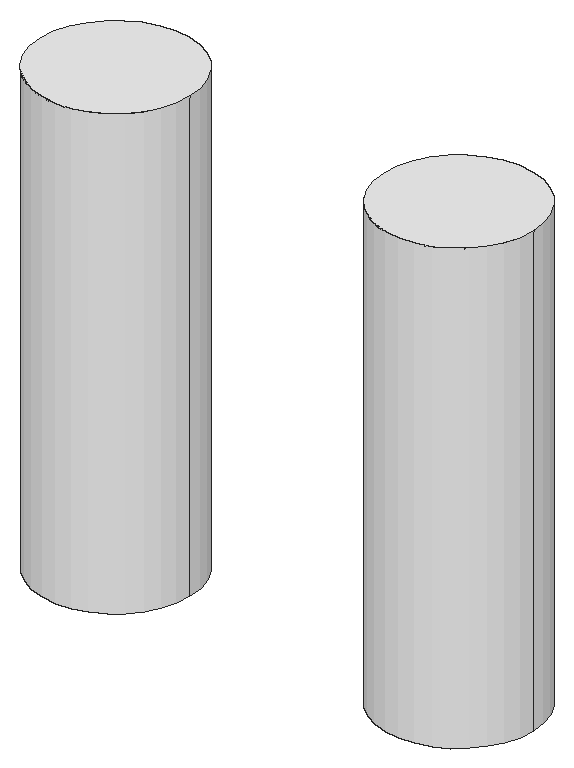
Revit family "56481103(2020)", category Plumbing Fixtures, Revit 2020
Family settings
  Round Connector Dimension = Use Diameter
  Part Type = Normal
  OmniClass Number = 23.45.55.00
  OmniClass Title = Sanitary Faucets, Wastes
  Work Plane-Based = No
  Always vertical = Yes
  Cut with Voids When Loaded = No
  Shared = No
  Room Calculation Point = No
Parameters (values of type "56481103 Kitchen faucet, low pressure")
  Working Pressure = "50 - 500 kPa"
  WarrantyStartDate [instance] = "n/a"
  WarrantyGuarantorParts = "n/a"
  WarrantyGuarantorLabor = "n/a"
  WarrantyDurationUnit = "Year"
  WarrantyDurationParts = "n/a"
  WarrantyDurationLabor = "n/a"
  WarrantyDescription = "http://warranty.hansa.com"
  Warranty Information URL = "http://warranty.hansa.com"
  VersionDate = "01/06/2023"
  Version = "1"
  ValvePattern = "n/a"
  ValveOperation = "n/a"
  ValveMechanism = "n/a"
  Uniclass2015Reference = "Pr_40_20_87_96"
  Uniclass2015Description = "Washbasin manual water supply sets"
  Uniclass2 = "Pr_40_30_96_96"
  URL REACH = "http://static.hansa.com/doc/reach"
  URL Materials Declaration = "http://www.hansa.com/fileadmin/resources/181999_56481103_materialsdeclaration.pdf"
  URL Environmental Product Declaration EPD = "http://www.hansa.com/fileadmin/resources/184519_EPD_Kitchen faucet.pdf"
  URL EcoLabel Declaration = "http://static.hansa.com/doc/EcoLabel"
  URL EU Packaging Declaration = "http://static.hansa.com/doc/packaging"
  URL Declaration of SCIP = "http://static.hansa.com/doc/SCIP"
  URL Declaration of Conformity = "http://static.hansa.com/DoC/56481103"
  URL Declaration of Asbestos = "http://static.hansa.com/doc/asbestos"
  URL Declaration Of Performance (DOP) = "http://static.hansa.com/doc/DoP"
  URL = ""
  UNSPSC Class Number = "30181700 Faucets or taps"
  TestPressure = "n/a"
  Temperature Adjustments = "Limitation option for maximum temperature and flow-rate ;Adjustable hot water stop (included, retrofittable)"
  Temperature = "Temperature limiter;Temperature limiter (retrofittable)"
  Technical DataSheet URL = "http://www.hansa.com/datasheet/56481103/en"
  TagNumber [instance] = "n/a"
  SustainabilityPerformance = "n/a"
  Surface treatment = "Chrome"
  Spout Type = "Swivel spout;Swivel range limiting option"
  Spout Swivel Range = "120°"
  Spout Projection = "215 mm"
  Spare-Part Information URL = "http://static.hansa.com/sp/56481103"
  Size = "50x255x170 mm"
  Shape = "Sculptured"
  SerialNumber [instance] = "n/a"
  Sales Package dimensions (LxWxH) = "754 x 334 x 63"
  Revision = "n/a"
  ReplacementCost = "n/a"
  ProductInformation = "n/a"
  Product URL = "http://static.hansa.com/56481103"
  Product Image URL = "http://static.hansa.com/image/56481103"
  Product Family = "HANSAPALENO "
  Product Code = "56481103"
  OperatingMechanismMaterial = "n/a"
  NominalWidth = 51 mm
  NominalHeight = 169 mm
  NominalDepth = 255 mm
  Noise Class = "I (ISO 3822)"
  Name_en = "56481103 Kitchen faucet, low pressure"
  Name = "56481103 Kitchen faucet, low pressure"
  NBSReference = "45-35-70/371"
  NBSDescription = "Water supply fittings for wash basins and troughs"
  Mounting Holes = "1 hole"
  ModelReference = "56481103"
  ModelNumber = "n/a"
  Model = "56481103 Kitchen faucet, low pressure"
  Mobile Product Information URL = "http://mpi.hansa.com/56481103"
  Mechanical Parts = "ø 35 mm ceramic cartridge for flow and temperature control"
  Max. Hot Water Supply = 70 °C
  Material = "Brass"
  Market = "International;Germany;Austria;Switzerland;France"
  ManufacturerURL = "http://www.hansa.com"
  ManufacturerName = "HANSA"
  Manufacturer = "HANSA"
  Lever Handle = "Hot/Cold symbols;Single operating lever/handle"
  Interactive AR View URL = "https://static.hansa.com/AR/56481103"
  InstallationDate [instance] = "n/a"
  Installation and Maintenance Guide URL = "http://static.hansa.com/manual/56481103"
  Installation Type = "Deck mounted"
  InletConnectionSize = 10 mm
  IfcExportType = "FAUCET"  # constant formula
  IfcExportAs = "IfcValveType"  # constant formula
  Group = "Kitchen faucet"
  Grade = "n/a"
  FlowCoefficient = 0
  Flow Rate At 300kPa = 0.12 L/s
  Flow Drawing URL = "http://static.hansa.com/flowchart/56481103"
  Finish = "Polished"
  Features = "Single-lever;Low pressure"
  FaucetMainMaterial = Brass
  FDV Document URL = "http://www.hansa.com/datasheet/56481103/en/fdv"
  ExpectedLife = "n/a"
  ETIM Class Number = "EC011431 Kitchen mixing tap"
  EN Standard = "EN 817"
  EAN Number = "4057304012389"
  DurationUnit = "Year"
  Dimension Drawing URL = "http://static.hansa.com/dimdrw/56481103"
  Description = ""
  DefaultElevation [instance] = 900 mm
  Default Elevation = 0 mm
  Constituents = "n/a"
  Connection Size = "G3/8"
  Connection = "Flexible inlet pipes"
  Color = "Chrome"
  CodePerformance = "n/a"
  CloseOffRating = 0
  Category = "Kitchen"
  Catalog Drawing URL = "http://static.hansa.com/catdrw/56481103"
  CO2 Emissions (D) = -6.32
  CO2 Emissions (C4) = 0.34
  CO2 Emissions (C3) = 0.02
  CO2 Emissions (C2) = 0.02
  CO2 Emissions (B7) = 2836.8
  CO2 Emissions (A4) = 0.22
  CO2 Emissions (A1-A3) = 11.19
  Brand = "HANSA"
  BodyMaterial = "Brass"
  Barcode [instance] = "n/a"
  Backflow Prevention EN1717 = "AA"
  BIMObjectName = "56481103(2020)"
  Author = "BIMStone"
  AssetType = "Fixed"
  AssetIdentifier [instance] = "n/a"
  Ambience photo = "http://static.hansa.com/ambience/56481103"
  Aerator = "Laminar stream;Standard aerator"
  Advanced Features = "Inner body made of DZR brass;3S-installation system for safe and simple mounting"
  AccessibilityPerformance = "n/a"
  3D View = "https://static.hansa.com/AR/56481103"
  2D/3D/BIM Files URL = "http://static.hansa.com/bim/56481103"
Reference planes
  plane 1 "Center (Front/Back)": y = 0
  plane 2: z = 0
  plane 3 "Center (Left/Right)": x = 0
  plane 4: x = -25.5
  plane 5: z = 1069
  plane 6: z = 900
  plane 7: z = 870
  plane 8: y = -255
  plane 9: x = 25.5
Forms (mm)
  Extrusion 1, solid, material "Brass" <- "FaucetMainMaterial"
    sketch origin (0, -2.614, 0) x (1, 0, 0) y (0, 1, 0)
      loop
        circle (-11.5, -22.5) r 5
      loop
        circle (11.5, -22.5) r 5
    from 870 to 900
Dimensions and locks
  "NominalHeight": plane 5 to plane 6
  "DefaultElevation": plane 6 to level
  locked: plane 6 to plane 7 at 30
  "NominalDepth": plane 8 to plane 1 "Center (Front/Back)"
  equal spacing: plane 4, plane 3 "Center (Left/Right)", plane 9
  "NominalWidth": plane 4 to plane 9
  "InletConnectionSize": diameter of Extrusion 1 sketch curve  (x2)
  aligned and locked: level to plane 2
  aligned and locked: plane 6 to Extrusion 1
  aligned and locked: Extrusion 1 to plane 7
  aligned and locked: nested 2 to plane 6
  aligned and locked: plane 3 "Center (Left/Right)" to nested 2
  aligned and locked: plane 3 "Center (Left/Right)" to nested 1
  aligned and locked: plane 1 "Center (Front/Back)" to nested 1
Automatic sketch dimensions
  Extrusion 1 sketch curve to plane 3 "Center (Left/Right)" = 11.5 mm
  plane 3 "Center (Left/Right)" to Extrusion 1 sketch curve = 11.5 mm
  plane 1 "Center (Front/Back)" to Extrusion 1 sketch curve = 25.114 mm
  Extrusion 1 sketch curve to Extrusion 1 sketch curve = 0 mm
Nested families
  nested 1: "Symbol" at (0, 0, 0), type "Symbol", detail levels coarse
  nested 2: "56481103_p" at (0, 0, 900), Material <- "FaucetMainMaterial", type "56481103_p"
    with Material Brass
Connectors
  piping at (-11.5, -25.114, 870), diameter 10, driven by "InletConnectionSize"
    settings: on Extrusion 1, index 1, connector inside diameter 609.6 mm, connector length 0 mm, flow factor 0, pipe flow 0.08 L/s, pressure drop 0.0 Pa, fitting loss kfactor 0, connector angle 0.00°, fixture units 0, engagement length 0 mm, angle of deflection 0.00°, flow configuration 1, flow direction 1, fitting loss method 0, system type 19, joint type 0, gender type 0, connector reference index -1, connector utility 0, adjustable connector no, is connector primary yes, connector description ""
  piping at (11.5, -25.114, 870), diameter 10, driven by "InletConnectionSize"
    settings: on Extrusion 1, index 2, connector inside diameter 609.6 mm, connector length 0 mm, flow factor 0, pipe flow 0.08 L/s, pressure drop 0.0 Pa, fitting loss kfactor 0, connector angle 0.00°, fixture units 0, engagement length 0 mm, angle of deflection 0.00°, flow configuration 1, flow direction 1, fitting loss method 0, system type 20, joint type 0, gender type 0, connector reference index -1, connector utility 0, adjustable connector no, is connector primary no, connector description ""
Definition of nested family "Symbol"
  Reference planes
    plane 1: y = 0
    plane 2: x = 0
  Lines and regions (mm)
    detail lines
      curve 1: line (0, 0, 0) -> (0, -1.8, 0)
      curve 2: line (-0.4, -1.1, 0) -> (0.4, -1.1, 0)
      curve 3: line (-0.4, -1.4, 0) -> (0.4, -1.4, 0)
      curve 4: line (0.863, 0, 0) -> (-0.863, 0, 0)
      curve 5: circle (-1.163, 0, 0) r 0.3 normal (0, 0, -1)
      curve 6: circle (1.163, 0, 0) r 0.3 normal (0, 0, 1)
Definition of nested family "56481103_p"
  Parameters (values of type "56481103_p")
    Material [instance] = none
    Default Elevation = 0 mm
  Reference planes
    plane 1 "Center (Front/Back)": y = 0
    plane 2: z = 0
    plane 3 "Center (Left/Right)": x = 0
  Forms (mm)
    Extrusion 1, solid, material <- "Material", detail levels coarse
      sketch origin (0, 0, -900) x (1, 0, 0) y (0, 1, 0)
        loop
          line (25.5, 0) -> (-25.5, 0) -> (-25.5, -255) -> (25.5, -255) -> (25.5, 0)
      from 900 to 1069
    Revolve 2, solid, material <- "Material", detail levels medium
      sketch origin (0, 0, 0) x (0, 1, 0) y (0, 0, 1)
        loop
          line (-25.5, 0) -> (0, 0) -> (0, 47.5) -> (-0.993, 123.96) -> (-2.721, 123.96)
          arc (-2.721, 123.96) -> (-3.769, 130.056) -> (-6.504, 135.604) r 21.584
          line (-6.504, 135.604) -> (-1.647, 137.869) -> (-4.456, 178.05) -> (-25.5, 178.05) -> (-25.5, 0)
        axis (-25.5, 0) -> (-25.5, 178.05)
      angle from 0 to 360
    Extrusion 3, void
      sketch origin (0, 0, 0) x (0, 1, 0) y (0, 0, 1)
        loop
          line (0, 181.8) -> (-238.453, 181.8) -> (0, 158.561) -> (0, 181.8)
      from 50 to -50
    Extrusion 4, solid, material <- "Material", detail levels medium
      sketch origin (0, 0, 0) x (0, 1, 0) y (0, 0, 1)
        loop
          line (-24.353, 160.934) -> (-66.863, 165.077)
          arc (-66.863, 165.077) -> (-89.016, 167.114) -> (-111.19, 168.909) r 2034.905
          arc (-111.19, 168.909) -> (-112.016, 168.7) -> (-112.549, 168.037) r 1.341
          arc (-112.549, 168.037) -> (-113.714, 162.728) -> (-113.384, 157.304) r 19.706
          arc (-113.384, 157.304) -> (-112.981, 156.601) -> (-112.238, 156.282) r 1.279
          line (-112.238, 156.282) -> (-24.353, 148.893) -> (-24.353, 160.934)
      from -6.884 to 7
    Extrusion 5, solid, material <- "Material", detail levels medium
      sketch origin (0, 0, 0) x (0, 1, 0) y (0, 0, 1)
        loop
          line (-33.571, 84.532) -> (-135.431, 132.03)
          arc (-135.431, 132.03) -> (-162.315, 142.283) -> (-190.393, 148.572) r 200
          line (-190.393, 148.572) -> (-248.818, 157.304)
          arc (-248.818, 157.304) -> (-251.086, 156.882) -> (-252.314, 154.93) r 2.875
          line (-252.314, 154.93) -> (-255, 137.009) -> (-252.234, 136.594) -> (-228.497, 133.037) -> (-225.321, 132.561) -> (-225.171, 133.561) -> (-193.277, 128.781)
          arc (-193.277, 128.781) -> (-168.045, 123.121) -> (-143.883, 113.904) r 180
          line (-143.883, 113.904) -> (-33.929, 62.631) -> (-33.571, 84.532)
      from 15 to -15
    Revolve 6, solid, material <- "Material", detail levels medium
      sketch origin (0, 0, 0) x (0, 1, 0) y (0, 0, 1)
        loop
          line (-241.031, 130.375) -> (-229.163, 128.596) -> (-227.868, 137.236) -> (-239.736, 139.015) -> (-241.031, 130.375)
        axis (-239.736, 139.015) -> (-241.031, 130.375)
      angle from 0 to 360
  Cuts and joins
    Extrusion 3 cuts Revolve 2
    joined: Revolve 2, Extrusion 4, Extrusion 5, Revolve 6
  Lines and regions (mm)
    symbolic lines, detail levels medium+fine
      curve 1: line (0, 0, 0) -> (0, -51, 0)
      curve 2: line (0, -51, 0) -> (0, -51, 47.5)
      curve 3: line (0, -50.702, 70.453) -> (0, -143.883, 113.904)
      curve 4: arc (0, -143.883, 113.904) -> (0, -168.045, 123.121) -> (0, -193.277, 128.781) r 180
      curve 5: line (0, -193.277, 128.781) -> (0, -225.171, 133.561)
      curve 6: line (0, -229.163, 128.596) -> (0, -228.497, 133.037)
      curve 7: line (0, -252.234, 136.594) -> (0, -252.899, 132.154)
      curve 8: line (0, -252.899, 132.154) -> (0, -229.163, 128.596)
      curve 10: line (0, -225.321, 132.561) -> (0, -225.171, 133.561)
      curve 11: line (0, -252.234, 136.594) -> (0, -255, 137.009)
      curve 12: line (0, -255, 137.009) -> (0, -252.314, 154.93)
      curve 13: arc (0, -252.314, 154.93) -> (0, -251.086, 156.882) -> (0, -248.818, 157.304) r 2.875
      curve 14: line (0, -248.818, 157.304) -> (0, -190.393, 148.572)
      curve 15: arc (0, -190.393, 148.572) -> (0, -162.315, 142.283) -> (0, -135.431, 132.03) r 200
      curve 16: line (0, -135.431, 132.03) -> (0, -54.465, 94.275)
      curve 17: arc (0, -54.465, 94.275) -> (0, -52.475, 93.474) -> (0, -50.41, 92.892) r 19.937
      curve 18: line (0, -50.007, 123.96) -> (0, -50.41, 92.892)
      curve 19: line (0, -50.702, 70.453) -> (0, -51, 47.5)
      curve 20: line (0, 0, 0) -> (0, 0, 47.5)
      curve 21: line (0, -0.993, 123.96) -> (0, 0, 47.5)
      curve 23: line (0, -228.497, 133.037) -> (0, -225.321, 132.561)
      curve 24: line (0, -0.993, 123.96) -> (0, -2.721, 123.96)
      curve 25: line (0, -49.846, 126.8) -> (0, -48.006, 126.8)
      curve 27: line (0, -48.304, 123.96) -> (0, -48.006, 126.8)
      curve 28: arc (0, -6.504, 135.604) -> (0, -3.769, 130.056) -> (0, -2.721, 123.96) r 21.584
      curve 29: line (0, -6.504, 135.604) -> (0, -1.968, 137.719)
      curve 31: line (0, -48.304, 123.96) -> (0, -50.007, 123.96)
      curve 33: line (25.5, 0, 0) -> (-25.5, 0, 0)
      curve 34: line (-25.5, 0, 0) -> (-25.5, 0, 47.56)
      curve 35: line (-25.5, 0, 47.56) -> (-24.495, 0, 123.96)
      curve 36: line (-24.362, 0, 126.797) -> (-22.506, 0, 126.797)
      curve 37: line (-24.495, 0, 123.96) -> (-22.754, 0, 123.96)
      curve 38: line (-24.362, 0, 126.797) -> (-24.362, 0, 159.425)
      curve 39: line (-22.506, 0, 126.797) -> (-22.754, 0, 123.96)
      curve 43: line (25.5, 0, 47.56) -> (24.495, 0, 123.96)
      curve 44: line (24.362, 0, 126.797) -> (22.506, 0, 126.797)
      curve 45: line (24.495, 0, 123.96) -> (22.754, 0, 123.96)
      curve 46: line (22.506, 0, 126.797) -> (22.754, 0, 123.96)
      curve 59: line (-15, -239.534, 0) -> (-15, -59.645, 0)
      curve 60: line (15, -239.534, 0) -> (15, -59.645, 0)
      curve 61: spline (-15, -239.534, 0) -> (-14.489, -243.537, 0) -> (-12.99, -247.267, 0) -> (-10.607, -250.47, 0) -> (-7.5, -252.928, 0) -> (-3.882, -254.473, 0) -> (0, -255, 0) -> (3.882, -254.473, 0) -> (7.5, -252.928, 0) -> (10.607, -250.47, 0) -> (12.99, -247.267, 0) -> (14.489, -243.537, 0) -> (15, -239.534, 0)
      curve 63: line (-15, -59.645, 0) -> (-15.824, -46.935, 0)
      curve 64: line (15, -59.645, 0) -> (15.824, -46.935, 0)
      curve 66: arc (20.377, -40.847, 0) -> (-0.397, -0.021, 0) -> (-19.855, -41.49, 0) r 25.494
      curve 72: line (25.5, 0, 0) -> (25.5, 0, 47.56)
      curve 73: arc (0, -1.968, 137.719) -> (0, -2.673, 147.695) -> (0, -3.725, 157.641) r 286.926
      curve 74: arc (0, -3.725, 157.641) -> (0, -4.361, 158.844) -> (0, -5.635, 159.321) r 1.914
      curve 75: arc (0, -5.635, 159.321) -> (0, -7.676, 159.362) -> (0, -9.712, 159.508) r 39.722
      curve 76: line (0, -9.712, 159.508) -> (0, -66.863, 165.077)
      curve 77: arc (0, -66.863, 165.077) -> (0, -89.016, 167.114) -> (0, -111.19, 168.909) r 2034.905
      curve 78: arc (0, -111.19, 168.909) -> (0, -112.016, 168.7) -> (0, -112.549, 168.037) r 1.341
      curve 79: arc (0, -112.549, 168.037) -> (0, -113.714, 162.728) -> (0, -113.384, 157.304) r 19.706
      curve 80: arc (0, -113.384, 157.304) -> (0, -112.981, 156.601) -> (0, -112.238, 156.282) r 1.279
      curve 81: line (0, -58.165, 151.736) -> (0, -112.238, 156.282)
      curve 82: arc (0, -58.165, 151.736) -> (0, -53.266, 149.408) -> (0, -51.115, 144.429) r 7.704
      curve 83: line (0, -51.115, 144.429) -> (0, -49.846, 126.8)
      curve 84: arc (-19.855, -41.49, 0) -> (-17.785, -44.172, 0) -> (-15.824, -46.935, 0) r 84.427
      curve 85: arc (20.377, -40.847, 0) -> (18.032, -43.84, 0) -> (15.824, -46.935, 0) r 84.427
      curve 96: arc (-24.362, 0, 159.425) -> (-23.949, 0, 160.642) -> (-22.882, 0, 161.356) r 1.999
      curve 97: arc (-22.882, 0, 161.356) -> (-15.145, 0, 163.149) -> (-7.302, 0, 164.402) r 114.564
      curve 98: arc (-6.706, 0, 167.144) -> (-7.042, 0, 165.781) -> (-7.302, 0, 164.402) r 25.706
      curve 99: arc (-6.706, 0, 167.144) -> (-6.123, 0, 168.093) -> (-5.123, 0, 168.583) r 2
      curve 104: line (24.362, 0, 126.797) -> (24.362, 0, 159.425)
      curve 105: arc (22.882, 0, 161.356) -> (15.145, 0, 163.149) -> (7.302, 0, 164.402) r 114.564
      curve 106: arc (6.706, 0, 167.144) -> (7.042, 0, 165.781) -> (7.302, 0, 164.402) r 25.706
      curve 107: arc (6.706, 0, 167.144) -> (6.123, 0, 168.093) -> (5.123, 0, 168.583) r 2
      curve 112: arc (-5.123, 0, 168.583) -> (0, 0, 169.029) -> (5.123, 0, 168.583) r 29.678
      curve 115: arc (24.362, 0, 159.425) -> (23.949, 0, 160.642) -> (22.882, 0, 161.356) r 1.999
    symbolic lines, detail levels fine
      curve 9: line (0, -252.234, 136.594) -> (0, -228.497, 133.037)
      curve 22: line (0, 0, 47.5) -> (0, -51, 47.5)
      curve 26: line (0, -25.383, 126.8) -> (0, -6.504, 135.604)
      curve 30: line (0, -48.006, 126.8) -> (0, -25.383, 126.8)
      curve 32: line (0, -2.721, 123.96) -> (0, -48.304, 123.96)
      curve 40: line (-15, 0, 70.474) -> (-15, 0, 154.085)
      curve 41: line (-22.506, 0, 126.797) -> (-15, 0, 126.797)
      curve 42: line (-22.754, 0, 123.96) -> (-15, 0, 123.96)
      curve 47: line (22.506, 0, 126.797) -> (15, 0, 126.797)
      curve 48: line (22.754, 0, 123.96) -> (15, 0, 123.96)
      curve 49: line (-25.5, 0, 47.56) -> (25.5, 0, 47.56)
      curve 50: spline (-15, 0, 154.085) -> (-14.489, 0, 154.949) -> (-12.99, 0, 155.755) -> (-10.607, 0, 156.447) -> (-7.5, 0, 156.978) -> (-3.882, 0, 157.312) -> (0, 0, 157.426) -> (3.882, 0, 157.312) -> (7.5, 0, 156.978) -> (10.607, 0, 156.447) -> (12.99, 0, 155.755) -> (14.489, 0, 154.949) -> (15, 0, 154.085)
      curve 51: arc (-13.012, 0, 68.978) -> (-14.379, 0, 69.231) -> (-15, 0, 70.474) r 1.557
      curve 52: arc (13.012, 0, 68.978) -> (14.379, 0, 69.231) -> (15, 0, 70.474) r 1.557
      curve 53: arc (-13.012, 0, 68.978) -> (0, 0, 70.816) -> (13.012, 0, 68.978) r 47.003
      curve 54: spline (11.961, 0, 130.3) -> (11.554, 0, 129.845) -> (10.359, 0, 129.421) -> (8.458, 0, 129.058) -> (5.981, 0, 128.778) -> (3.096, 0, 128.603) -> (0, 0, 128.543) -> (-3.096, 0, 128.603) -> (-5.981, 0, 128.778) -> (-8.458, 0, 129.058) -> (-10.359, 0, 129.421) -> (-11.554, 0, 129.845) -> (-11.961, 0, 130.3) -> (-11.554, 0, 130.754) -> (-10.359, 0, 131.178) -> (-8.458, 0, 131.542) -> (-5.981, 0, 131.821) -> (-3.096, 0, 131.997) -> (0, 0, 132.056) -> (3.096, 0, 131.997) -> (5.981, 0, 131.821) -> (8.458, 0, 131.542) -> (10.359, 0, 131.178) -> (11.554, 0, 130.754) -> (11.961, 0, 130.3)
      curve 55: spline (-11.961, 0, 134.779) -> (-11.554, 0, 135.234) -> (-10.359, 0, 135.658) -> (-8.458, 0, 136.021) -> (-5.981, 0, 136.301) -> (-3.096, 0, 136.476) -> (0, 0, 136.536) -> (3.096, 0, 136.476) -> (5.981, 0, 136.301) -> (8.458, 0, 136.021) -> (10.359, 0, 135.658) -> (11.554, 0, 135.234) -> (11.961, 0, 134.779)
      curve 56: line (-11.961, 0, 130.3) -> (-11.961, 0, 134.779)
      curve 57: line (11.961, 0, 134.779) -> (11.961, 0, 130.3)
      curve 58: spline (11.961, 0, 133.769) -> (14.424, 0, 134.526) -> (14.937, 0, 135.369) -> (13.431, 0, 136.183) -> (10.109, 0, 136.859) -> (5.421, 0, 137.304) -> (0, 0, 137.46) -> (-5.421, 0, 137.304) -> (-10.109, 0, 136.859) -> (-13.431, 0, 136.183) -> (-14.937, 0, 135.369) -> (-14.424, 0, 134.526) -> (-11.961, 0, 133.769)
      curve 62: spline (-15, -239.534, 0) -> (-14.489, -242.782, 0) -> (-12.99, -245.808, 0) -> (-10.607, -248.407, 0) -> (-7.5, -250.401, 0) -> (-3.882, -251.655, 0) -> (0, -252.082, 0) -> (3.882, -251.655, 0) -> (7.5, -250.401, 0) -> (10.607, -248.407, 0) -> (12.99, -245.808, 0) -> (14.489, -242.782, 0) -> (15, -239.534, 0)
      curve 65: line (15, 0, 70.474) -> (15, 0, 154.085)
      curve 67: line (0, -50.41, 92.892) -> (0, -47.092, 92.003)
      curve 68: line (0, -45.434, 90.064) -> (0, -45.434, 70.064)
      curve 69: line (0, -50.702, 70.453) -> (0, -46.792, 68.63)
      curve 70: arc (0, -45.434, 70.064) -> (0, -45.827, 69.076) -> (0, -46.792, 68.63) r 1.436
      curve 71: arc (0, -47.092, 92.003) -> (0, -45.905, 91.34) -> (0, -45.434, 90.064) r 1.963
      curve 86: arc (-15.824, -46.935, 0) -> (-13.337, -50.642, 0) -> (-10.897, -54.379, 0) r 361.34
      curve 87: line (-6.832, -111.128, 0) -> (-7.6, -67.128, 0)
      curve 88: arc (-7.6, -67.128, 0) -> (-8.494, -60.559, 0) -> (-10.897, -54.379, 0) r 28.215
      curve 89: arc (15.824, -46.935, 0) -> (13.337, -50.642, 0) -> (10.897, -54.379, 0) r 361.34
      curve 90: line (6.834, -111.047, 0) -> (7.6, -67.128, 0)
      curve 91: arc (7.6, -67.128, 0) -> (8.494, -60.559, 0) -> (10.897, -54.379, 0) r 28.215
      curve 92: arc (-5.305, -113.036, 0) -> (0.022, -113.653, 0) -> (5.339, -112.948, 0) r 21.772
      curve 93: arc (-5.305, -113.036, 0) -> (-6.394, -112.343, 0) -> (-6.832, -111.128, 0) r 2
      curve 94: arc (5.339, -112.948, 0) -> (6.406, -112.249, 0) -> (6.834, -111.047, 0) r 2
      curve 95: arc (-19.855, -41.49, 0) -> (-0.358, -2.435, 0) -> (20.377, -40.847, 0) r 24.594
      curve 100: line (-15, 0, 146.797) -> (-17.006, 0, 146.797)
      curve 101: line (-21.056, 0, 160.238) -> (-21.056, 0, 150.847)
      curve 102: arc (-21.056, 0, 150.847) -> (-19.87, 0, 147.983) -> (-17.006, 0, 146.797) r 4.049
      curve 103: arc (-20.406, 0, 161.991) -> (-20.888, 0, 161.173) -> (-21.056, 0, 160.238) r 2.69
      curve 108: line (15, 0, 146.797) -> (17.006, 0, 146.797)
      curve 109: line (21.056, 0, 160.238) -> (21.056, 0, 150.847)
      curve 110: arc (21.056, 0, 150.847) -> (19.87, 0, 147.983) -> (17.006, 0, 146.797) r 4.049
      curve 111: arc (20.406, 0, 161.991) -> (20.888, 0, 161.173) -> (21.056, 0, 160.238) r 2.69
      curve 113: arc (-7.302, 0, 164.402) -> (-7.626, 0, 160.699) -> (-7.412, 0, 156.989) r 25.706
      curve 114: arc (7.302, 0, 164.402) -> (7.626, 0, 160.699) -> (7.412, 0, 156.989) r 25.706
  Dimensions and locks
    aligned and locked: level to plane 2
